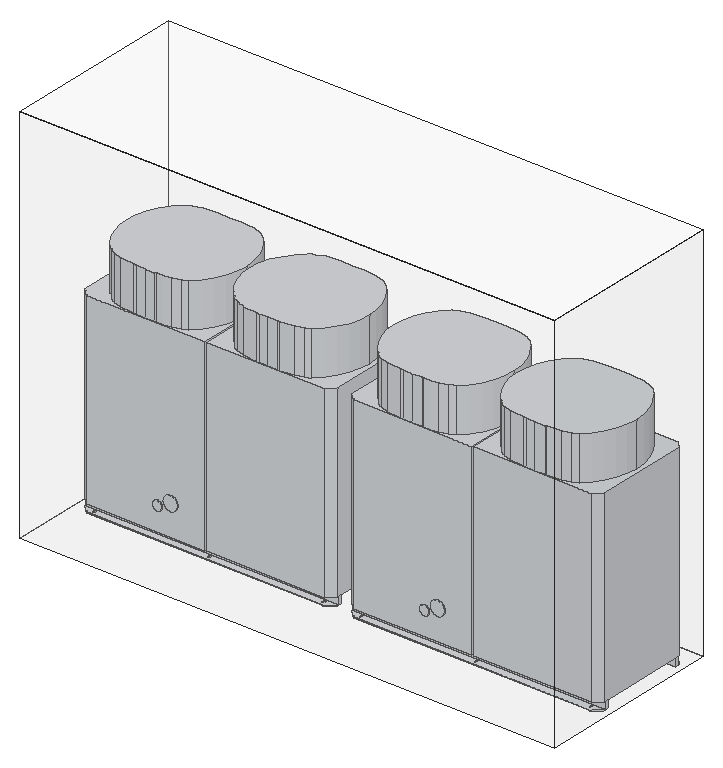
Revit family "pury-p224_1000(s)dmg9_50Hz", category 機械設備, Revit 2019
Family settings
  丸型コネクタ寸法 = 直径を使用
  パーツ タイプ = 標準
  OmniClass 番号 = 23.75.10.24.21.27.27
  OmniClass タイトル = Split System Air Conditioning Units
  作業面ベース = いいえ
  常に垂直 = はい
  ロード時にボイドで切り取り = いいえ
  共有 = いいえ
  部屋計算ポイント = いいえ
Parameters (values of type "PURY-P950SDMG9_タイプB")
  風量（m3／min） = 640
  風量 = MAX風量  # 38400.0 m³/h
  音響パワーレベル(dB) = 88.5
  電源種別 = ""
  電源位置2Y（ユニット3） = 121 mm
  電源位置2Y（ユニット2） = 121 mm
  電源位置2Y（ユニット1） = 121 mm
  電源位置2X（ユニット3） = 516 mm
  電源位置2X（ユニット2） = 516 mm
  電源位置2X（ユニット1） = 516 mm
  電源位置1Z（ユニット3） = 217 mm
  電源位置1Z（ユニット2） = 217 mm
  電源位置1Z（ユニット1） = 217 mm
  電源位置1X（ユニット3） = 541 mm
  電源位置1X（ユニット2） = 541 mm
  電源位置1X（ユニット1） = 541 mm
  電圧 = 200 V
  電動機出力_送風機 = 3.68 kW
  電動機出力_圧縮機 = 26.9 kW
  集中コントローラ [instance] = ""
  運転質量 = 0.00 kg
  運転方法 = "冷暖同時"
  質量 = if(製品質量 > 運転質量, 製品質量, 運転質量) * 1.2  # 778.80 kg
  負荷分類 = 1_熱源類
  説明 = "ビル用マルチエアコン　冷暖同時R2　GR室外機"
  設計暖房能力 [instance] = 0 kW
  設計冷房能力_顕熱 [instance] = 0 kW
  設計冷房能力 [instance] = 0 kW
  設置方法 = "床置形"
  記号 [instance] = ""
  製造元 = "三菱電機株式会社"
  製品質量 = 649.00 kg
  製品出荷対象 = "国内"
  製品リリース年月 = "2024/4/26"
  製品グループ = ""
  系統 [instance] = ""
  符号 = "EHP"
  積算_科目 = "1 空気調和設備"
  積算_拾い区分 [instance] = ""
  相 = 3
  盤記号 [instance] = ""
  発停方法 = "付属スイッチ"
  特殊仕様 [instance] = ""
  消費電力_暖房 = 31.4 kW
  消費電力_冷房 = 36.3 kW
  消費電力 = if(消費電力_冷房 > 消費電力_暖房, 消費電力_冷房, 消費電力_暖房)  # 36.3 kW
  法定耐用年数 = "15"
  極数 = 3
  材質 [instance] = ""
  本体マテリアル = none
  最小電線太さ_mm2 = 100
  最大電流値 = 147.3 A
  暖房能力 = 106 kW
  推奨ブレーカー容量 = 150 A
  据付ピッチ1 = 0 mm
  形式 = "マルチパッケージ形 室外機"
  幹線記号 [instance] = ""
  始動方式 = ""
  呼称 = "マルチパッケージ形空気調和機"
  周波数 = 50 Hz
  参照している仕様書等のバージョン = "公共建築工事標準仕様書（機械設備工事編）平成31年度版"
  分類コード = "50053003300020"
  分類グループ = ""
  冷房能力 = 95 kW
  冷媒管（液）位置2 (ユニット3) = 146 mm
  冷媒管（液）位置2 (ユニット2) = 146 mm
  冷媒管（液）位置1 (ユニット3） = 590 mm
  冷媒管（ガス）位置2 (ユニット3) = 145 mm
  冷媒管（ガス）位置2 (ユニット2) = 145 mm
  冷媒管（ガス）位置1 (ユニット3) = 83 mm
  冷媒管（ガス）位置1 (ユニット1) = 83 mm
  冷媒管（液）位置1 (ユニット1) = 590 mm
  冷媒管（液）位置2 (ユニット1) = 146 mm
  冷媒管（ガス）位置2 (ユニット1) = 83 mm
  冷媒管（ガス）位置1 (ユニット2) = 83 mm
  冷媒管（液）位置1 (ユニット2） = 590 mm
  冷媒管長 [instance] = 0 mm
  冷媒管径符号 = "Hk"
  冷媒管径3 = 100.00 mm
  冷媒管径2 = 100.00 mm
  冷媒管径 = 100.00 mm
  冷媒管位置3 (ユニット3) = 262 mm
  冷媒管位置3 (ユニット2) = 262 mm
  冷媒管位置3 (ユニット1) = 262 mm
  冷媒管位置2 (ユニット3) = 145.5 mm
  冷媒管位置2 (ユニット2) = 145.5 mm
  冷媒管位置1 (ユニット2) = 631.5 mm
  冷媒管位置2 (ユニット1) = 145.5 mm
  冷媒管位置1 (ユニット3) = 631.5 mm
  冷媒管位置1 (ユニット1) = 631.5 mm
  冷媒液管径3 = 22.20 mm
  冷媒液管径2 = 22.20 mm
  冷媒液管径 = 22.20 mm
  冷媒ガス管径3 = 28.58 mm
  冷媒ガス管径2 = 28.58 mm
  冷媒ガス管径 = 28.58 mm
  企業コード = "108420"
  付属品 [instance] = ""
  仕様書バージョン = "Version1.0"
  ユニット隙間 = if(サービススペース_タイプA, 30 mm, 100 mm)  # 100 mm
  ユニット数 = 2
  ユニットタイプ3 = 筐体モジュール.（R2標準） : 500筐体
  ユニットタイプ2 = 筐体モジュール.（R2標準） : 450筐体
  ユニットタイプ1 = 筐体モジュール.（R2標準） : 500筐体
  ユニット3_S = no
  ユニット3_L = no
  ユニット3 = no
  ユニット2_S = no
  ユニット2_L = no
  ユニット2 = yes
  ユニット1_S = no
  ユニット1_L = no
  モデル = "PURY-P950SDMG9"
  ドレン管径 = 0.00 mm
  サービススペース_タイプA = no
  サービススペース = yes
  コメント [instance] = ""
  ケーブル種類 = ""
  アンカーボルト位置Y（ユニット3） = 681 mm
  アンカーボルト位置Y（ユニット2） = 681 mm
  アンカーボルト位置Y（ユニット1） = 681 mm
  アンカーボルト位置X（ユニット3） = 795 mm
  アンカーボルト位置X（ユニット2） = 795 mm
  アンカーボルト位置X（ユニット1） = 795 mm
  Width3 = 1750 mm
  Width2 = 1750 mm
  Width1 = 1750 mm
  Width = if(ユニット3, Width1 + Width2 + Width3 + 2 * ユニット隙間, if(ユニット2, Width1 + Width2 + 1 * ユニット隙間, Width1))  # 3600 mm
  Version = ""
  Uniclass2015Version = "Systems v1.9"
  Uniclass2015Title = "Split coil remote air cooled condensing units"
  Uniclass2015Code = "Pr_70_65_03_84"
  URL = "https://www.mitsubishielectric.co.jp/ldg/wink/ssl/displayProduct.do?pid=332051"
  SpecificationReference = ""
  SpecificationDescription = ""
  Revision = ""
  ProductInformation = ""
  OmniClassCode = "23-75 10 24 21 27 27"
  OUTLINE2 = outline : outline_XL
  OUTLINE1 = outline : outline_XL
  MAX風量 = 風量（m3／min） * 60.0 m³/h  # 38400.0 m³/h
  IfcTypeProduct = ""
  IfcProduct = ""
  IfcExportType = "AIRCONDITIONINGUNIT"
  IfcExportAs = "IfcUnitaryEquipmentType"
  Height = 1650 mm
  Depth = 740 mm
  Clearance Top [instance] = if(サービススペース_タイプA, 1000 mm, 1000 mm)  # 1000 mm
  Clearance Right [instance] = if(サービススペース_タイプA, 15 mm, 50 mm)  # 50 mm
  Clearance Left [instance] = if(サービススペース_タイプA, 15 mm, 50 mm)  # 50 mm
  Clearance Front [instance] = if(サービススペース_タイプA, 450 mm, 450 mm)  # 450 mm
  Clearance Back [instance] = if(サービススペース_タイプA, 300 mm, 100 mm)  # 100 mm
  COP = 0
  Author = "三菱電機株式会社"
  APF = 0
Reference planes
  plane 1 "中心(正面/背面)": y = 0
  plane 2: z = 0
  plane 3 "中心(左/右)": x = 890
  plane 4 "右": x = 2690
  plane 5 "左": x = -910
  plane 6 "背面": y = 370
  plane 7 "正面": y = -370
  plane 8: z = 1347
  plane 9 "上部": z = 1650
  plane 10 "Clearanse Top": z = 2650
  plane 11: x = -2128.5
  plane 12 "冷媒操作弁ガス芯2": y = -224.5
  plane 13 "冷媒操作弁液芯2": y = -224.5
  plane 14 "SS_back": y = 470
  plane 15 "SS_front": y = -820
  plane 16 "SS_left": x = -960
  plane 17 "SS_right": x = 2740
  plane 18: x = -1010
  plane 19: x = -910
  plane 20: x = 840
  plane 21: x = 940
  plane 22: x = -2760
  plane 23: x = -278.5
  plane 24: x = 1571.5
  plane 25: x = -1885
  plane 26: x = -35
  plane 27: x = 1815
  plane 28: z = 53
  plane 29: z = 262
  plane 30: y = -224.5
  plane 31: z = 54
  plane 32: z = 262
  plane 33: z = 262
  plane 34: x = -394
  plane 35: x = 1456
  plane 36: x = -369
  plane 37: x = 1481
  plane 38: y = -249
  plane 39: y = -249
  plane 40: y = -249
  plane 41: z = 217
  plane 42: z = 217
  plane 43: z = 217
Forms (mm)
  Extrusion 1, solid, detail levels fine
    sketch origin (0, -370, 0) x (1, 0, 0) y (0, 0, 1)
      loop
        circle (1571.5, 262) r 50
    from 0 to 1
  Extrusion 2, solid, visible <- "ユニット2", detail levels fine
    sketch origin (0, -370, 0) x (1, 0, 0) y (0, 0, 1)
      loop
        circle (-278.5, 262) r 50
    from 0 to 1
  Extrusion 3, solid, detail levels fine
    sketch origin (-1437.329, -1524, 54) x (-1, 0, 0) y (0, -1, 0)
      loop
        circle (-3008.829, -1299.5) r 50
    from 0 to -1
  Extrusion 4, solid, visible <- "ユニット2", detail levels fine
    sketch origin (-1437.329, -1524, 54) x (-1, 0, 0) y (0, -1, 0)
      loop
        circle (-1158.829, -1299.5) r 50
    from 0 to -1
  Extrusion 5, solid, detail levels fine
    sketch origin (-1437.329, -1524, 54) x (-1, 0, 0) y (0, -1, 0)
      loop
        circle (-2893.329, -1275) r 32.5
    from -1 to 0
  Extrusion 6, solid, visible <- "ユニット2", detail levels fine
    sketch origin (-1437.329, -1524, 54) x (-1, 0, 0) y (0, -1, 0)
      loop
        circle (-1043.329, -1275) r 32.5
    from -1 to 0
  Extrusion 7, solid, detail levels fine
    sketch origin (0, -370, 0) x (1, 0, 0) y (0, 0, 1)
      loop
        circle (1481, 217) r 32.5
    from 0 to 1
  Extrusion 8, solid, visible <- "ユニット2", detail levels fine
    sketch origin (0, -370, 0) x (1, 0, 0) y (0, 0, 1)
      loop
        circle (-369, 217) r 32.5
    from 0 to 1
Lines and regions (mm)
  model lines, not visible
    curve 1: line (460, 178.667, 1289.179) -> (460, 297.73, 1289.179)
    curve 2: line (460, 178.667, 1056.056) -> (460, 178.667, 1289.179)
    curve 3: line (460, 297.73, 1056.056) -> (460, 178.667, 1056.056)
    curve 4: line (460, 297.73, 1289.179) -> (460, 297.73, 1056.056)
    curve 5: line (460, 47.598, 1289.179) -> (460, 166.661, 1289.179)
    curve 6: line (460, 47.598, 1056.056) -> (460, 47.598, 1289.179)
    curve 7: line (460, 166.661, 1056.056) -> (460, 47.598, 1056.056)
    curve 8: line (460, 166.661, 1289.179) -> (460, 166.661, 1056.056)
    curve 9: line (460, -83.471, 1289.179) -> (460, 35.592, 1289.179)
    curve 10: line (460, -83.471, 1056.056) -> (460, -83.471, 1289.179)
    curve 11: line (460, 35.592, 1056.056) -> (460, -83.471, 1056.056)
    curve 12: line (460, 35.592, 1289.179) -> (460, 35.592, 1056.056)
    curve 13: line (460, -150.779, 1289.179) -> (460, -95.75, 1289.179)
    curve 14: line (460, -150.779, 1056.056) -> (460, -150.779, 1289.179)
    curve 15: line (460, -95.75, 1056.056) -> (460, -150.779, 1056.056)
    curve 16: line (460, -95.75, 1289.179) -> (460, -95.75, 1056.056)
    curve 17: line (460, -150.779, 1283.175) -> (460, -132.596, 1283.175)
    curve 18: line (460, -150.779, 1062.059) -> (460, -150.779, 1283.175)
    curve 19: line (460, -132.596, 1062.059) -> (460, -150.779, 1062.059)
    curve 20: line (460, -132.596, 1283.175) -> (460, -132.596, 1062.059)
    curve 21: line (460, 178.667, 1046.051) -> (460, 297.73, 1046.051)
    curve 22: line (460, 178.667, 812.928) -> (460, 178.667, 1046.051)
    curve 23: line (460, 297.73, 812.928) -> (460, 178.667, 812.928)
    curve 24: line (460, 297.73, 1046.051) -> (460, 297.73, 812.928)
    curve 25: line (460, 47.598, 1046.051) -> (460, 166.661, 1046.051)
    curve 26: line (460, 47.598, 812.928) -> (460, 47.598, 1046.051)
    curve 27: line (460, 166.661, 812.928) -> (460, 47.598, 812.928)
    curve 28: line (460, 166.661, 1046.051) -> (460, 166.661, 812.928)
    curve 29: line (460, -83.471, 1046.051) -> (460, 35.592, 1046.051)
    curve 30: line (460, -83.471, 812.928) -> (460, -83.471, 1046.051)
    curve 31: line (460, 35.592, 812.928) -> (460, -83.471, 812.928)
    curve 32: line (460, 35.592, 1046.051) -> (460, 35.592, 812.928)
    curve 33: line (460, -150.779, 1046.051) -> (460, -95.75, 1046.051)
    curve 34: line (460, -150.779, 812.928) -> (460, -150.779, 1046.051)
    curve 35: line (460, -95.75, 812.928) -> (460, -150.779, 812.928)
    curve 36: line (460, -95.75, 1046.051) -> (460, -95.75, 812.928)
    curve 37: line (460, -150.779, 1040.048) -> (460, -132.596, 1040.048)
    curve 38: line (460, -150.779, 818.931) -> (460, -150.779, 1040.048)
    curve 39: line (460, -132.596, 818.931) -> (460, -150.779, 818.931)
    curve 40: line (460, -132.596, 1040.048) -> (460, -132.596, 818.931)
    curve 41: line (460, 178.667, 802.923) -> (460, 297.73, 802.923)
    curve 42: line (460, 178.667, 569.8) -> (460, 178.667, 802.923)
    curve 43: line (460, 297.73, 569.8) -> (460, 178.667, 569.8)
    curve 44: line (460, 297.73, 802.923) -> (460, 297.73, 569.8)
    curve 45: line (460, 47.598, 802.923) -> (460, 166.661, 802.923)
    curve 46: line (460, 47.598, 569.8) -> (460, 47.598, 802.923)
    curve 47: line (460, 166.661, 569.8) -> (460, 47.598, 569.8)
    curve 48: line (460, 166.661, 802.923) -> (460, 166.661, 569.8)
    curve 49: line (460, -83.471, 802.923) -> (460, 35.592, 802.923)
    curve 50: line (460, -83.471, 569.8) -> (460, -83.471, 802.923)
    curve 51: line (460, 35.592, 569.8) -> (460, -83.471, 569.8)
    curve 52: line (460, 35.592, 802.923) -> (460, 35.592, 569.8)
    curve 53: line (460, -150.779, 802.923) -> (460, -95.75, 802.923)
    curve 54: line (460, -150.779, 569.8) -> (460, -150.779, 802.923)
    curve 55: line (460, -95.75, 569.8) -> (460, -150.779, 569.8)
    curve 56: line (460, -95.75, 802.923) -> (460, -95.75, 569.8)
    curve 57: line (460, -150.779, 796.92) -> (460, -132.596, 796.92)
    curve 58: line (460, -150.779, 575.803) -> (460, -150.779, 796.92)
    curve 59: line (460, -132.596, 575.803) -> (460, -150.779, 575.803)
    curve 60: line (460, -132.596, 796.92) -> (460, -132.596, 575.803)
    curve 61: line (460, 178.667, 559.795) -> (460, 297.73, 559.795)
    curve 62: line (460, 178.667, 326.672) -> (460, 178.667, 559.795)
    curve 63: line (460, 297.73, 326.672) -> (460, 178.667, 326.672)
    curve 64: line (460, 297.73, 559.795) -> (460, 297.73, 326.672)
    curve 65: line (460, 47.598, 559.795) -> (460, 166.661, 559.795)
    curve 66: line (460, 47.598, 326.672) -> (460, 47.598, 559.795)
    curve 67: line (460, 166.661, 326.672) -> (460, 47.598, 326.672)
    curve 68: line (460, 166.661, 559.795) -> (460, 166.661, 326.672)
    curve 69: line (460, -83.471, 559.795) -> (460, 35.592, 559.795)
    curve 70: line (460, -83.471, 326.672) -> (460, -83.471, 559.795)
    curve 71: line (460, 35.592, 326.672) -> (460, -83.471, 326.672)
    curve 72: line (460, 35.592, 559.795) -> (460, 35.592, 326.672)
    curve 73: line (460, -150.779, 559.795) -> (460, -95.75, 559.795)
    curve 74: line (460, -150.779, 326.672) -> (460, -150.779, 559.795)
    curve 75: line (460, -95.75, 326.672) -> (460, -150.779, 326.672)
    curve 76: line (460, -95.75, 559.795) -> (460, -95.75, 326.672)
    curve 77: line (460, -150.779, 553.792) -> (460, -132.596, 553.792)
    curve 78: line (460, -150.779, 332.675) -> (460, -150.779, 553.792)
    curve 79: line (460, -132.596, 332.675) -> (460, -150.779, 332.675)
    curve 80: line (460, -132.596, 553.792) -> (460, -132.596, 332.675)
    curve 81: line (460, 178.667, 316.667) -> (460, 297.73, 316.667)
    curve 82: line (460, 178.667, 83.544) -> (460, 178.667, 316.667)
    curve 83: line (460, 297.73, 83.544) -> (460, 178.667, 83.544)
    curve 84: line (460, 297.73, 316.667) -> (460, 297.73, 83.544)
    curve 85: line (460, 47.598, 316.667) -> (460, 166.661, 316.667)
    curve 86: line (460, 47.598, 83.544) -> (460, 47.598, 316.667)
    curve 87: line (460, 166.661, 83.544) -> (460, 47.598, 83.544)
    curve 88: line (460, 166.661, 316.667) -> (460, 166.661, 83.544)
    curve 89: line (460, -83.471, 316.667) -> (460, 35.592, 316.667)
    curve 90: line (460, -83.471, 83.544) -> (460, -83.471, 316.667)
    curve 91: line (460, 35.592, 83.544) -> (460, -83.471, 83.544)
    curve 92: line (460, 35.592, 316.667) -> (460, 35.592, 83.544)
    curve 93: line (460, -150.779, 316.667) -> (460, -95.75, 316.667)
    curve 94: line (460, -150.779, 83.544) -> (460, -150.779, 316.667)
    curve 95: line (460, -95.75, 83.544) -> (460, -150.779, 83.544)
    curve 96: line (460, -95.75, 316.667) -> (460, -95.75, 83.544)
    curve 97: line (460, -150.779, 310.664) -> (460, -132.596, 310.664)
    curve 98: line (460, -150.779, 89.547) -> (460, -150.779, 310.664)
    curve 99: line (460, -132.596, 89.547) -> (460, -150.779, 89.547)
    curve 100: line (460, -132.596, 310.664) -> (460, -132.596, 89.547)
Dimensions and locks
  plane 8 to level = 1347 mm
  equal spacing: plane 7 "正面", plane 1 "中心(正面/背面)", plane 6 "背面", locked at 370 each
  "Depth": plane 7 "正面" to plane 6 "背面"
  "Width": plane 5 "左" to plane 4 "右"
  equal spacing: plane 5 "左", plane 3 "中心(左/右)", plane 4 "右"
  "冷媒管位置2 (ユニット3)": plane 7 "正面" to plane 13 "冷媒操作弁液芯2"
  "冷媒管位置2 (ユニット2)": plane 7 "正面" to plane 12 "冷媒操作弁ガス芯2"
  "Clearance Left": plane 16 "SS_left" to plane 5 "左"
  "Clearance Right": plane 4 "右" to plane 17 "SS_right"
  "Clearance Back": plane 6 "背面" to plane 14 "SS_back"
  "Clearance Front": plane 15 "SS_front" to plane 7 "正面"
  "Clearance Top": plane 10 "Clearanse Top" to plane 9 "上部"
  "Height": plane 9 "上部" to plane 2
  plane 9 "上部" to plane 8 = 303 mm
  "ユニット隙間": plane 18 to plane 19
  "Width2": plane 19 to plane 20
  "ユニット隙間": plane 20 to plane 21
  "Width3": plane 22 to plane 18
  "Width1": plane 21 to plane 4 "右"
  "冷媒管位置1 (ユニット2)": plane 19 to plane 23
  "冷媒管位置1 (ユニット1)": plane 21 to plane 24
  "冷媒管位置1 (ユニット3)": plane 22 to plane 11
  equal spacing: plane 22, plane 25, plane 18
  equal spacing: plane 19, plane 26, plane 20
  equal spacing: plane 21, plane 27, plane 4 "右"
  "冷媒管位置2 (ユニット1)": plane 7 "正面" to plane 30
  plane 31 to level = 54 mm
  "冷媒管位置3 (ユニット1)": plane 29 to level
  locked: plane 31 to plane 28 at 1
  "冷媒管位置3 (ユニット2)": plane 32 to level
  "冷媒管位置3 (ユニット3)": plane 33 to level
  "電源位置2X（ユニット2）": plane 19 to plane 34
  "電源位置2X（ユニット1）": plane 21 to plane 35
  "電源位置2Y（ユニット1）": plane 7 "正面" to plane 38
  "電源位置2Y（ユニット2）": plane 7 "正面" to plane 39
  "電源位置2Y（ユニット3）": plane 7 "正面" to plane 40
  "電源位置1X（ユニット1）": plane 37 to plane 21
  "電源位置1X（ユニット2）": plane 36 to plane 19
  "電源位置1Z（ユニット1）": plane 43 to level
  "電源位置1Z（ユニット2）": plane 42 to level
  "電源位置1Z（ユニット3）": plane 41 to level
  "冷媒管径": diameter of Extrusion 1 sketch curve
  "冷媒管径2": diameter of Extrusion 2 sketch curve
  "冷媒管径": diameter of Extrusion 3 sketch curve
  "冷媒管径2": diameter of Extrusion 4 sketch curve
  radius of Extrusion 5 sketch curve = 32.5 mm
  radius of Extrusion 6 sketch curve = 32.5 mm
  radius of Extrusion 7 sketch curve = 32.5 mm
  radius of Extrusion 8 sketch curve = 32.5 mm
  aligned and locked: level to plane 2
  aligned and locked: plane 14 "SS_back" to nested 1  (x2)
  aligned and locked: plane 17 "SS_right" to nested 1
  aligned and locked: plane 16 "SS_left" to nested 1  (x2)
  aligned and locked: nested 1 to plane 17 "SS_right"
  aligned and locked: plane 15 "SS_front" to nested 1
  aligned and locked: nested 2 to plane 1 "中心(正面/背面)"
  aligned and locked: plane 10 "Clearanse Top" to nested 1
  aligned and locked: nested 1 to plane 2
  aligned and locked: plane 25 to nested 2
  aligned and locked: plane 29 to Extrusion 1 sketch curve
  aligned and locked: plane 24 to Extrusion 1 sketch curve
  aligned and locked: plane 23 to Extrusion 2 sketch curve
  aligned and locked: plane 30 to Extrusion 3 sketch curve
  aligned and locked: plane 24 to Extrusion 3 sketch curve
  aligned and locked: plane 12 "冷媒操作弁ガス芯2" to Extrusion 4 sketch curve
  aligned and locked: plane 23 to Extrusion 4 sketch curve
  aligned and locked: plane 32 to Extrusion 2 sketch curve
  aligned and locked: plane 35 to Extrusion 5 sketch curve
  aligned and locked: plane 38 to Extrusion 5 sketch curve
  aligned and locked: plane 34 to Extrusion 6 sketch curve
  aligned and locked: plane 39 to Extrusion 6 sketch curve
  aligned and locked: plane 31 to Extrusion 5
  aligned and locked: Extrusion 5 to plane 28
  aligned and locked: plane 31 to Extrusion 6
  aligned and locked: Extrusion 6 to plane 28
  aligned and locked: plane 37 to Extrusion 7 sketch curve
  aligned and locked: plane 43 to Extrusion 7 sketch curve
  aligned and locked: plane 36 to Extrusion 8 sketch curve
  aligned and locked: plane 42 to Extrusion 8 sketch curve
  aligned and locked: Extrusion 7 to plane 7 "正面"
  aligned and locked: Extrusion 7 to Extrusion 1
  aligned and locked: Extrusion 8 to plane 7 "正面"
  aligned and locked: Extrusion 8 to Extrusion 2
  aligned and locked: plane 27 to nested 4
  aligned and locked: plane 26 to nested 5
  aligned and locked: plane 27 to nested 6
  aligned and locked: plane 26 to nested 3
Nested families
  nested 1: "サービススペース" at (890, -175, 1325), visible <- "サービススペース", type "サービススペース"
    with Width 3700 mm, Height 2650 mm, Depth 1290 mm
  nested 2: "筐体モジュール.（R2標準）" at (-1885, 0, 0), 冷媒ガス管径 <- "冷媒ガス管径3", 冷媒液管径 <- "冷媒液管径3", Width <- "Width3", Depth <- "Depth", Height <- "Height", type <- "ユニットタイプ3", 冷媒管径 <- "冷媒管径3", 冷媒管径_Z <- "冷媒管位置3 (ユニット3)", ユニット2 <- "ユニット3", type "500筐体"
    with 冷媒管径_Z 262 mm, 冷媒管径_Y 145.5 mm, 冷媒管径_X 631.5 mm, 冷媒管径 100 mm, 冷媒液管径 22.2 mm, 冷媒液_Z 262 mm, 冷媒液_Y 146 mm, 冷媒液_X 590 mm, 冷媒ガス管径 28.58 mm, 冷媒ガス_Z 262 mm, 冷媒ガス_Y 145 mm, 冷媒ガス_X 83 mm, ユニット4X no, ユニット2 no, Width 1750 mm, Height 1650 mm, Depth 740 mm
  nested 3: "筐体モジュール.（R2標準）" at (-35, 0, 0), type <- "ユニットタイプ2", ユニット2 <- "ユニット2", Width <- "Width2", 冷媒管径_X <- "冷媒管位置1 (ユニット2)", 冷媒ガス管径 <- "冷媒ガス管径2", 冷媒液管径 <- "冷媒液管径2", type "450筐体"
    with 冷媒管径_Z 262 mm, 冷媒管径_Y 145.5 mm, 冷媒管径_X 631.5 mm, 冷媒管径 100 mm, 冷媒液管径 22.2 mm, 冷媒液_Z 262 mm, 冷媒液_Y 146 mm, 冷媒液_X 590 mm, 冷媒ガス管径 28.58 mm, 冷媒ガス_Z 262 mm, 冷媒ガス_Y 145 mm, 冷媒ガス_X 83 mm, ユニット4X yes, ユニット2 yes, Width 1750 mm, Height 1650 mm, Depth 740 mm
  nested 4: "outline" at (1815, 0, 0), type <- "OUTLINE1", type "outline_XL", detail levels coarse+medium
    with ユニット4X no, ユニット2 yes, Width 920 mm, Height 1650 mm, Depth 740 mm
  nested 5: "outline" at (-35, 0, 0), type <- "OUTLINE2", ユニット2 <- "ユニット2", type "outline_XL", not visible, detail levels fine
    with ユニット4X no, ユニット2 yes, Width 920 mm, Height 1650 mm, Depth 740 mm
  nested 6: "筐体モジュール.（R2標準）" at (1815, 0, 0), Width <- "Width1", 冷媒管径_X <- "冷媒管位置1 (ユニット1)", type <- "ユニットタイプ1", 冷媒液管径 <- "冷媒液管径", 冷媒ガス管径 <- "冷媒ガス管径", type "500筐体"
    with 冷媒管径_Z 262 mm, 冷媒管径_Y 145.5 mm, 冷媒管径_X 631.5 mm, 冷媒管径 100 mm, 冷媒液管径 22.2 mm, 冷媒液_Z 262 mm, 冷媒液_Y 146 mm, 冷媒液_X 590 mm, 冷媒ガス管径 28.58 mm, 冷媒ガス_Z 262 mm, 冷媒ガス_Y 145 mm, 冷媒ガス_X 83 mm, ユニット4X yes, ユニット2 yes, Width 1750 mm, Height 1650 mm, Depth 740 mm
Connectors
  piping at (1571.5, -224.5, 53), diameter 100, driven by "冷媒管径", driven by "冷媒管径符号"
    settings: on Extrusion 3, index 7, connector inside diameter 609.60 mm, connector length 0 mm, flow factor 0, pipe flow 0.0 L/s, pressure drop 0.0 Pa, fitting loss kfactor 0, connector angle 0.00°, fixture units 0, engagement length 0 mm, angle of deflection 0.00°, flow configuration 1, flow direction 2, fitting loss method 4, system type 7, joint type 0, gender type 0, connector reference index -1, connector utility 0, adjustable connector no, is connector primary yes, connector description "Hk"
  piping at (-278.5, -224.5, 53), diameter 100, driven by "冷媒管径2", driven by "冷媒管径符号"
    settings: on Extrusion 4, index 8, connector inside diameter 609.60 mm, connector length 0 mm, flow factor 0, pipe flow 0.0 L/s, pressure drop 0.0 Pa, fitting loss kfactor 0, connector angle 0.00°, fixture units 0, engagement length 0 mm, angle of deflection 0.00°, flow configuration 1, flow direction 2, fitting loss method 4, system type 7, joint type 0, gender type 0, connector reference index -1, connector utility 0, adjustable connector no, is connector primary no, connector description "Hk"
  piping at (-278.5, -371, 262), diameter 100, driven by "冷媒管径2", driven by "冷媒管径符号"
    settings: on Extrusion 2, index 10, connector inside diameter 609.60 mm, connector length 0 mm, flow factor 0, pipe flow 0.0 L/s, pressure drop 0.0 Pa, fitting loss kfactor 0, connector angle 0.00°, fixture units 0, engagement length 0 mm, angle of deflection 0.00°, flow configuration 1, flow direction 2, fitting loss method 4, system type 7, joint type 0, gender type 0, connector reference index -1, connector utility 0, adjustable connector no, is connector primary no, connector description "Hk"
  piping at (1571.5, -371, 262), diameter 100, driven by "冷媒管径", driven by "冷媒管径符号"
    settings: on Extrusion 1, index 11, connector inside diameter 609.60 mm, connector length 0 mm, flow factor 0, pipe flow 0.0 L/s, pressure drop 0.0 Pa, fitting loss kfactor 0, connector angle 0.00°, fixture units 0, engagement length 0 mm, angle of deflection 0.00°, flow configuration 1, flow direction 2, fitting loss method 4, system type 7, joint type 0, gender type 0, connector reference index -1, connector utility 0, adjustable connector no, is connector primary no, connector description "Hk"
  electrical at (1481, -371, 217), driven by "極数", driven by "電圧", driven by "消費電力", driven by "負荷分類"
    settings: on Extrusion 7, index 12, voltage 200 V, apparent load 36300 VA, apparent load phase1 0 VA, apparent load phase2 0 VA, apparent load phase3 0 VA, power factor 1, load classification "1_熱源類", number of poles 3, system type 30, power factor state 1, is connector primary yes, connector utility no, sub classification motor no, connector description ""
  electrical at (-369, -371, 217), driven by "極数", driven by "電圧", driven by "消費電力", driven by "負荷分類"
    settings: on Extrusion 8, index 13, voltage 200 V, apparent load 36300 VA, apparent load phase1 0 VA, apparent load phase2 0 VA, apparent load phase3 0 VA, power factor 1, load classification "1_熱源類", number of poles 3, system type 30, power factor state 1, is connector primary no, connector utility no, sub classification motor no, connector description ""
  electrical at (1456, -249, 53), driven by "極数", driven by "電圧", driven by "消費電力", driven by "負荷分類"
    settings: on Extrusion 5, index 14, voltage 200 V, apparent load 36300 VA, apparent load phase1 0 VA, apparent load phase2 0 VA, apparent load phase3 0 VA, power factor 1, load classification "1_熱源類", number of poles 3, system type 30, power factor state 1, is connector primary no, connector utility no, sub classification motor no, connector description ""
  electrical at (-394, -249, 53), driven by "極数", driven by "電圧", driven by "消費電力", driven by "負荷分類"
    settings: on Extrusion 6, index 15, voltage 200 V, apparent load 36300 VA, apparent load phase1 0 VA, apparent load phase2 0 VA, apparent load phase3 0 VA, power factor 1, load classification "1_熱源類", number of poles 3, system type 30, power factor state 1, is connector primary no, connector utility no, sub classification motor no, connector description ""
Definition of nested family "サービススペース"
  Parameters (values of type "サービススペース")
    Width [instance] = 500 mm
    Height [instance] = 500 mm
    Depth [instance] = 500 mm
  Reference planes
    plane 1 "中心(正面/背面)": y = 0
    plane 2: z = 0
    plane 3 "中心(左/右)": x = 0
    plane 4: y = -250
    plane 5: x = 250
    plane 6: y = 250
    plane 7: x = -250
    plane 8: z = 250
    plane 9: z = -250
  Forms (mm)
    Extrusion 1, solid
      sketch origin (-638.939, 0, 72.39) x (1, 0, 0) y (0, 1, 0)
        loop
          line (388.939, 250) -> (388.939, -250) -> (888.939, -250) -> (888.939, 250) -> (388.939, 250)
      from -322.39 to 177.61
  Lines and regions (mm)
    symbolic lines
      curve 1: line (-250, 0, 250) -> (250, 0, 250)
      curve 2: line (-250, 0, -250) -> (-250, 0, 250)
      curve 3: line (250, 0, -250) -> (-250, 0, -250)
      curve 4: line (250, 0, 250) -> (250, 0, -250)
      curve 5: line (0, -250, 250) -> (0, 250, 250)
      curve 6: line (0, -250, -250) -> (0, -250, 250)
      curve 7: line (0, 250, -250) -> (0, -250, -250)
      curve 8: line (0, 250, 250) -> (0, 250, -250)
      curve 9: line (-250, 250, 0) -> (250, 250, 0)
      curve 10: line (-250, -250, 0) -> (-250, 250, 0)
      curve 11: line (250, -250, 0) -> (-250, -250, 0)
      curve 12: line (250, 250, 0) -> (250, -250, 0)
  Dimensions and locks
    equal spacing: plane 7, plane 3 "中心(左/右)", plane 5
    equal spacing: plane 4, plane 1 "中心(正面/背面)", plane 6
    "Depth": plane 4 to plane 6
    "Width": plane 7 to plane 5
    equal spacing: plane 8, plane 2, plane 9
    "Height": plane 8 to plane 9
    aligned and locked: plane 9 to curve 3
    aligned and locked: plane 7 to curve 2
    aligned and locked: curve 4 to plane 5
    aligned and locked: plane 5 to Extrusion 1
    aligned and locked: Extrusion 1 to plane 7
    aligned and locked: Extrusion 1 to plane 9
    aligned and locked: plane 8 to Extrusion 1
    aligned and locked: plane 9 to curve 7
  Automatic sketch dimensions
    plane 4 to Extrusion 1 sketch curve = 0 mm
    Extrusion 1 sketch curve to plane 7 = 0 mm
    Extrusion 1 sketch curve to plane 5 = 0 mm
    plane 6 to Extrusion 1 sketch curve = 0 mm
    curve 2 to plane 8 = 0 mm
    plane 4 to curve 11 = 0 mm
    curve 11 to plane 7 = 0 mm
    curve 11 to plane 5 = 0 mm
    plane 6 to curve 10 = 0 mm
    curve 7 to plane 4 = 0 mm
    curve 7 to plane 6 = 0 mm
    curve 6 to plane 8 = 0 mm
Definition of nested family "筐体モジュール.（R2標準）"
  Parameters (values of type "450筐体")
    冷媒管径_Z [instance] = 262 mm
    冷媒管径_Y [instance] = 145.5 mm
    冷媒管径_X [instance] = 631.5 mm
    冷媒管径 [instance] = 100 mm
    冷媒液管径 [instance] = 22.2 mm
    冷媒液_Z [instance] = 262 mm
    冷媒液_Y [instance] = 146 mm
    冷媒液_X [instance] = 590 mm
    冷媒ガス管径 [instance] = 28.58 mm
    冷媒ガス_Z [instance] = 262 mm
    冷媒ガス_Y [instance] = 145 mm
    冷媒ガス_X [instance] = 83 mm
    ユニット4X [instance] = and(ユニット2, Width = 1750 mm)  # yes
    ユニット2 [instance] = yes
    Width [instance] = 1750 mm
    W = 1750 mm
    Height [instance] = 1650 mm
    Depth [instance] = 740 mm
  Types (2): name
    450筐体
    500筐体
  Reference planes
    plane 1 "中心(正面/背面)": y = 0
    plane 2: z = 0
    plane 3 "中心(左/右)": x = 0
    plane 4: y = -370
    plane 5: y = 370
    plane 6: x = -875
    plane 7: z = 1347
    plane 8: z = 1650
    plane 9: y = -313
    plane 10: y = -293
    plane 11 "本体下部": z = 54
    plane 12: y = 370
    plane 13: y = 313
    plane 14: y = 293
    plane 15: y = 340.5
    plane 16: x = -795
    plane 17: y = -340.5
    plane 18 "電源高さ": z = 262
    plane 19 "冷媒管高さ": z = 262
    plane 20 "冷媒操作弁ガス芯4": z = 53
    plane 21: x = 875
    plane 22: x = -875
    plane 23: x = 875
    plane 24: x = -285
    plane 25: x = -243.5
    plane 26: x = -202
    plane 27: y = -225
    plane 28: y = -224.5
    plane 29: y = -224
    plane 30: z = 262
    plane 31: x = 795
  Forms (mm)
    Extrusion 1, solid, visible <- "ユニット4X", detail levels fine
      sketch origin (-460, 0, 0) x (1, 0, 0) y (0, 1, 0)
        loop
          line (-415, -320.583) -> (-365.583, -370) -> (455.244, -370) -> (455.244, 370) -> (-365.831, 370) -> (-415, 320.831) -> (-415, -320.583)
        loop
          line (464.756, 370) -> (464.756, -370) -> (1285.583, -370) -> (1335, -320.583) -> (1335, 320.831) -> (1285.831, 370) -> (464.756, 370)
      from 54 to 1347
    Extrusion 2, solid, visible <- "ユニット4X", detail levels fine
      sketch origin (-460, 0, 0) x (1, 0, 0) y (0, 1, 0)
        loop
          line (-415, -293) -> (-415, -313) -> (1335, -313) -> (1335, -293) -> (-415, -293)
      from 0 to 54
    Extrusion 3, solid, visible <- "ユニット4X", detail levels fine
      sketch origin (-460, 0, 0) x (1, 0, 0) y (0, 1, 0)
        loop
          line (-415, 293) -> (1335, 293) -> (1335, 313) -> (-415, 313) -> (-415, 293)
      from 0 to 54
    Extrusion 4, solid, visible <- "ユニット4X", detail levels fine
      sketch origin (-460, 0, 0) x (1, 0, 0) y (0, 1, 0)
        loop
          line (-415, -313) -> (-415, -320.583) -> (-365.583, -370) -> (1285.583, -370) -> (1335, -320.583) -> (1335, -313) -> (-415, -313)
        loop
          line (-328, -343.5) -> (-328, -337.5)
          arc (-328, -337.5) -> (-335, -330.5) -> (-342, -337.5) r 7
          line (-342, -337.5) -> (-342, -343.5)
          arc (-342, -343.5) -> (-335, -350.5) -> (-328, -343.5) r 7
        loop
          arc (1248, -343.5) -> (1255, -350.5) -> (1262, -343.5) r 7
          line (1262, -343.5) -> (1262, -337.5)
          arc (1262, -337.5) -> (1255, -330.5) -> (1248, -337.5) r 7
          line (1248, -337.5) -> (1248, -343.5)
        loop
          line (467, -343.5) -> (467, -337.5)
          arc (467, -337.5) -> (460, -330.5) -> (453, -337.5) r 7
          line (453, -337.5) -> (453, -343.5)
          arc (453, -343.5) -> (460, -350.5) -> (467, -343.5) r 7
      from 0 to 2
    Extrusion 5, solid, visible <- "ユニット4X", detail levels fine
      sketch origin (-759.5, 0, -2.5) x (1, 0, 0) y (0, 0, 1)
        loop
          circle (516, 264.5) r 50
      from 370 to 371
    Extrusion 6, solid, visible <- "ユニット4X", detail levels fine
      sketch origin (-460, 0, 0) x (1, 0, 0) y (0, 1, 0)
        loop
          circle (216.5, -224.5) r 50
      from 53 to 54
    Extrusion 7, solid, visible <- "ユニット4X", detail levels fine
      sketch origin (-460, 0, 0) x (1, 0, 0) y (0, 1, 0)
        loop
          circle (175, -224) r 11.1
      from 53 to 54
    Extrusion 8, solid, visible <- "ユニット4X", detail levels fine
      sketch origin (-460, 0, 0) x (1, 0, 0) y (0, 1, 0)
        loop
          circle (258, -225) r 14.29
      from 53 to 54
    Extrusion 9, solid, visible <- "ユニット4X", detail levels fine
      sketch origin (-460, 0, 0) x (1, 0, 0) y (0, 1, 0)
        loop
          line (-415, 313) -> (1335, 313) -> (1335, 320.583) -> (1285.583, 370) -> (-365.583, 370) -> (-415, 320.583) -> (-415, 313)
        loop
          arc (-328, 343.5) -> (-335, 350.5) -> (-342, 343.5) r 7
          line (-342, 343.5) -> (-342, 337.5)
          arc (-342, 337.5) -> (-335, 330.5) -> (-328, 337.5) r 7
          line (-328, 337.5) -> (-328, 343.5)
        loop
          line (1248, 343.5) -> (1248, 337.5)
          arc (1248, 337.5) -> (1255, 330.5) -> (1262, 337.5) r 7
          line (1262, 337.5) -> (1262, 343.5)
          arc (1262, 343.5) -> (1255, 350.5) -> (1248, 343.5) r 7
        loop
          arc (467, 343.5) -> (460, 350.5) -> (453, 343.5) r 7
          line (453, 343.5) -> (453, 337.5)
          arc (453, 337.5) -> (460, 330.5) -> (467, 337.5) r 7
          line (467, 337.5) -> (467, 343.5)
      from 0 to 2
    Extrusion 10, solid, visible <- "ユニット4X", detail levels fine
      sketch origin (426.031, 0, 0) x (-1, 0, 0) y (0, -1, 0)
        loop
          arc (-268.081, -316.106) -> (-250.974, -327.516) -> (-232.369, -336.274) r 138.853
          arc (-232.369, -336.274) -> (-204.68, -346.28) -> (-176.163, -353.601) r 308.609
          arc (-176.163, -353.601) -> (-128.058, -361) -> (-79.445, -363.367) r 468.429
          line (-79.445, -363.367) -> (0, -363.367) -> (79.445, -363.367)
          arc (79.445, -363.367) -> (128.058, -361) -> (176.163, -353.601) r 468.429
          arc (176.163, -353.601) -> (204.68, -346.28) -> (232.369, -336.274) r 308.609
          arc (232.369, -336.274) -> (250.84, -327.278) -> (268.082, -316.106) r 168.924
          arc (268.082, -316.106) -> (376.101, -174.18) -> (414.476, 0) r 414.476
          arc (414.476, 0) -> (376.101, 174.18) -> (268.081, 316.106) r 414.476
          arc (268.081, 316.106) -> (250.84, 327.278) -> (232.369, 336.274) r 168.924
          arc (232.369, 336.274) -> (204.68, 346.28) -> (176.163, 353.601) r 308.609
          arc (176.163, 353.601) -> (128.058, 361) -> (79.445, 363.367) r 468.429
          arc (79.445, 363.367) -> (71.906, 363.425) -> (64.372, 363.142) r 167.153
          line (64.372, 363.142) -> (0, 363.142) -> (-64.372, 363.142)
          arc (-64.372, 363.142) -> (-71.906, 363.425) -> (-79.445, 363.367) r 167.153
          arc (-79.445, 363.367) -> (-128.058, 361) -> (-176.163, 353.601) r 468.429
          arc (-176.163, 353.601) -> (-204.68, 346.28) -> (-232.369, 336.274) r 308.609
          arc (-232.369, 336.274) -> (-250.84, 327.278) -> (-268.081, 316.106) r 168.924
          arc (-268.081, 316.106) -> (-376.101, 174.18) -> (-414.476, 0) r 414.476
          arc (-414.476, 0) -> (-376.101, -174.18) -> (-268.081, -316.106) r 414.476
      from 1347 to 1650
    Extrusion 11, solid, visible <- "ユニット4X", detail levels fine
      sketch origin (-426.031, 0, 0) x (1, 0, 0) y (0, 1, 0)
        loop
          arc (-268.081, 316.106) -> (-376.101, 174.18) -> (-414.476, 0) r 414.476
          arc (-414.476, 0) -> (-376.101, -174.18) -> (-268.081, -316.106) r 414.476
          arc (-268.081, -316.106) -> (-250.84, -327.278) -> (-232.369, -336.274) r 168.924
          arc (-232.369, -336.274) -> (-204.68, -346.28) -> (-176.163, -353.601) r 308.609
          arc (-176.163, -353.601) -> (-128.058, -361) -> (-79.445, -363.367) r 468.429
          arc (-79.445, -363.367) -> (-71.906, -363.425) -> (-64.372, -363.142) r 167.153
          line (-64.372, -363.142) -> (0, -363.142) -> (64.372, -363.142)
          arc (64.372, -363.142) -> (71.906, -363.425) -> (79.445, -363.367) r 167.153
          arc (79.445, -363.367) -> (129.328, -360.87) -> (178.663, -353.076) r 468.429
          arc (178.663, -353.076) -> (205.901, -345.901) -> (232.372, -336.274) r 308.61
          arc (232.372, -336.274) -> (251.312, -327.333) -> (268.992, -316.106) r 167.985
          arc (268.992, -316.106) -> (376.782, -174.112) -> (415.066, 0) r 415.066
          arc (415.066, 0) -> (376.782, 174.112) -> (268.992, 316.106) r 415.066
          arc (268.992, 316.106) -> (251.312, 327.333) -> (232.372, 336.274) r 167.985
          arc (232.372, 336.274) -> (205.901, 345.901) -> (178.663, 353.076) r 308.61
          arc (178.663, 353.076) -> (129.328, 360.87) -> (79.445, 363.367) r 468.429
          line (79.445, 363.367) -> (0, 363.367) -> (-79.445, 363.367)
          arc (-79.445, 363.367) -> (-128.058, 361) -> (-176.163, 353.601) r 468.429
          arc (-176.163, 353.601) -> (-204.68, 346.28) -> (-232.369, 336.274) r 308.609
          arc (-232.369, 336.274) -> (-250.974, 327.516) -> (-268.081, 316.106) r 138.853
      from 1347 to 1650
  Lines and regions (mm)
    Masking region 1, visible <- "ユニット4X", detail levels coarse+medium
      outline origin (0, 0, 0) x (1, 0, 0) y (0, 1, 0)
        loop
          line (-825.831, 370) -> (-875, 320.831) -> (-875, -320.583) -> (-825.583, -370) -> (825.583, -370) -> (875, -320.583) -> (875, 320.831) -> (825.831, 370) -> (-825.831, 370)
    model lines, visible <- "ユニット4X", detail levels fine
      curve 1: line (-875, 178.667, 1289.179) -> (-875, 297.73, 1289.179)
      curve 2: line (-875, 178.667, 1056.056) -> (-875, 178.667, 1289.179)
      curve 3: line (-875, 297.73, 1056.056) -> (-875, 178.667, 1056.056)
      curve 4: line (-875, 297.73, 1289.179) -> (-875, 297.73, 1056.056)
      curve 5: line (-875, 47.598, 1289.179) -> (-875, 166.661, 1289.179)
      curve 6: line (-875, 47.598, 1056.056) -> (-875, 47.598, 1289.179)
      curve 7: line (-875, 166.661, 1056.056) -> (-875, 47.598, 1056.056)
      curve 8: line (-875, 166.661, 1289.179) -> (-875, 166.661, 1056.056)
      curve 9: line (-875, -83.471, 1289.179) -> (-875, 35.592, 1289.179)
      curve 10: line (-875, -83.471, 1056.056) -> (-875, -83.471, 1289.179)
      curve 11: line (-875, 35.592, 1056.056) -> (-875, -83.471, 1056.056)
      curve 12: line (-875, 35.592, 1289.179) -> (-875, 35.592, 1056.056)
      curve 13: line (-875, -150.779, 1289.179) -> (-875, -95.75, 1289.179)
      curve 14: line (-875, -150.779, 1056.056) -> (-875, -150.779, 1289.179)
      curve 15: line (-875, -95.75, 1056.056) -> (-875, -150.779, 1056.056)
      curve 16: line (-875, -95.75, 1289.179) -> (-875, -95.75, 1056.056)
      curve 17: line (-875, -150.779, 1283.175) -> (-875, -132.596, 1283.175)
      curve 18: line (-875, -150.779, 1062.059) -> (-875, -150.779, 1283.175)
      curve 19: line (-875, -132.596, 1062.059) -> (-875, -150.779, 1062.059)
      curve 20: line (-875, -132.596, 1283.175) -> (-875, -132.596, 1062.059)
      curve 21: line (-875, 178.667, 1046.051) -> (-875, 297.73, 1046.051)
      curve 22: line (-875, 178.667, 812.928) -> (-875, 178.667, 1046.051)
      curve 23: line (-875, 297.73, 812.928) -> (-875, 178.667, 812.928)
      curve 24: line (-875, 297.73, 1046.051) -> (-875, 297.73, 812.928)
      curve 25: line (-875, 47.598, 1046.051) -> (-875, 166.661, 1046.051)
      curve 26: line (-875, 47.598, 812.928) -> (-875, 47.598, 1046.051)
      curve 27: line (-875, 166.661, 812.928) -> (-875, 47.598, 812.928)
      curve 28: line (-875, 166.661, 1046.051) -> (-875, 166.661, 812.928)
      curve 29: line (-875, -83.471, 1046.051) -> (-875, 35.592, 1046.051)
      curve 30: line (-875, -83.471, 812.928) -> (-875, -83.471, 1046.051)
      curve 31: line (-875, 35.592, 812.928) -> (-875, -83.471, 812.928)
      curve 32: line (-875, 35.592, 1046.051) -> (-875, 35.592, 812.928)
      curve 33: line (-875, -150.779, 1046.051) -> (-875, -95.75, 1046.051)
      curve 34: line (-875, -150.779, 812.928) -> (-875, -150.779, 1046.051)
      curve 35: line (-875, -95.75, 812.928) -> (-875, -150.779, 812.928)
      curve 36: line (-875, -95.75, 1046.051) -> (-875, -95.75, 812.928)
      curve 37: line (-875, -150.779, 1040.048) -> (-875, -132.596, 1040.048)
      curve 38: line (-875, -150.779, 818.931) -> (-875, -150.779, 1040.048)
      curve 39: line (-875, -132.596, 818.931) -> (-875, -150.779, 818.931)
      curve 40: line (-875, -132.596, 1040.048) -> (-875, -132.596, 818.931)
      curve 41: line (-875, 178.667, 802.923) -> (-875, 297.73, 802.923)
      curve 42: line (-875, 178.667, 569.8) -> (-875, 178.667, 802.923)
      curve 43: line (-875, 297.73, 569.8) -> (-875, 178.667, 569.8)
      curve 44: line (-875, 297.73, 802.923) -> (-875, 297.73, 569.8)
      curve 45: line (-875, 47.598, 802.923) -> (-875, 166.661, 802.923)
      curve 46: line (-875, 47.598, 569.8) -> (-875, 47.598, 802.923)
      curve 47: line (-875, 166.661, 569.8) -> (-875, 47.598, 569.8)
      curve 48: line (-875, 166.661, 802.923) -> (-875, 166.661, 569.8)
      curve 49: line (-875, -83.471, 802.923) -> (-875, 35.592, 802.923)
      curve 50: line (-875, -83.471, 569.8) -> (-875, -83.471, 802.923)
      curve 51: line (-875, 35.592, 569.8) -> (-875, -83.471, 569.8)
      curve 52: line (-875, 35.592, 802.923) -> (-875, 35.592, 569.8)
      curve 53: line (-875, -150.779, 802.923) -> (-875, -95.75, 802.923)
      curve 54: line (-875, -150.779, 569.8) -> (-875, -150.779, 802.923)
      curve 55: line (-875, -95.75, 569.8) -> (-875, -150.779, 569.8)
      curve 56: line (-875, -95.75, 802.923) -> (-875, -95.75, 569.8)
      curve 57: line (-875, -150.779, 796.92) -> (-875, -132.596, 796.92)
      curve 58: line (-875, -150.779, 575.803) -> (-875, -150.779, 796.92)
      curve 59: line (-875, -132.596, 575.803) -> (-875, -150.779, 575.803)
      curve 60: line (-875, -132.596, 796.92) -> (-875, -132.596, 575.803)
      curve 61: line (-875, 178.667, 559.795) -> (-875, 297.73, 559.795)
      curve 62: line (-875, 178.667, 326.672) -> (-875, 178.667, 559.795)
      curve 63: line (-875, 297.73, 326.672) -> (-875, 178.667, 326.672)
      curve 64: line (-875, 297.73, 559.795) -> (-875, 297.73, 326.672)
      curve 65: line (-875, 47.598, 559.795) -> (-875, 166.661, 559.795)
      curve 66: line (-875, 47.598, 326.672) -> (-875, 47.598, 559.795)
      curve 67: line (-875, 166.661, 326.672) -> (-875, 47.598, 326.672)
      curve 68: line (-875, 166.661, 559.795) -> (-875, 166.661, 326.672)
      curve 69: line (-875, -83.471, 559.795) -> (-875, 35.592, 559.795)
      curve 70: line (-875, -83.471, 326.672) -> (-875, -83.471, 559.795)
      curve 71: line (-875, 35.592, 326.672) -> (-875, -83.471, 326.672)
      curve 72: line (-875, 35.592, 559.795) -> (-875, 35.592, 326.672)
      curve 73: line (-875, -150.779, 559.795) -> (-875, -95.75, 559.795)
      curve 74: line (-875, -150.779, 326.672) -> (-875, -150.779, 559.795)
      curve 75: line (-875, -95.75, 326.672) -> (-875, -150.779, 326.672)
      curve 76: line (-875, -95.75, 559.795) -> (-875, -95.75, 326.672)
      curve 77: line (-875, -150.779, 553.792) -> (-875, -132.596, 553.792)
      curve 78: line (-875, -150.779, 332.675) -> (-875, -150.779, 553.792)
      curve 79: line (-875, -132.596, 332.675) -> (-875, -150.779, 332.675)
      curve 80: line (-875, -132.596, 553.792) -> (-875, -132.596, 332.675)
      curve 81: line (-875, 178.667, 316.667) -> (-875, 297.73, 316.667)
      curve 82: line (-875, 178.667, 83.544) -> (-875, 178.667, 316.667)
      curve 83: line (-875, 297.73, 83.544) -> (-875, 178.667, 83.544)
      curve 84: line (-875, 297.73, 316.667) -> (-875, 297.73, 83.544)
      curve 85: line (-875, 47.598, 316.667) -> (-875, 166.661, 316.667)
      curve 86: line (-875, 47.598, 83.544) -> (-875, 47.598, 316.667)
      curve 87: line (-875, 166.661, 83.544) -> (-875, 47.598, 83.544)
      curve 88: line (-875, 166.661, 316.667) -> (-875, 166.661, 83.544)
      curve 89: line (-875, -83.471, 316.667) -> (-875, 35.592, 316.667)
      curve 90: line (-875, -83.471, 83.544) -> (-875, -83.471, 316.667)
      curve 91: line (-875, 35.592, 83.544) -> (-875, -83.471, 83.544)
      curve 92: line (-875, 35.592, 316.667) -> (-875, 35.592, 83.544)
      curve 93: line (-875, -150.779, 316.667) -> (-875, -95.75, 316.667)
      curve 94: line (-875, -150.779, 83.544) -> (-875, -150.779, 316.667)
      curve 95: line (-875, -95.75, 83.544) -> (-875, -150.779, 83.544)
      curve 96: line (-875, -95.75, 316.667) -> (-875, -95.75, 83.544)
      curve 97: line (-875, -150.779, 310.664) -> (-875, -132.596, 310.664)
      curve 98: line (-875, -150.779, 89.547) -> (-875, -150.779, 310.664)
      curve 99: line (-875, -132.596, 89.547) -> (-875, -150.779, 89.547)
      curve 100: line (-875, -132.596, 310.664) -> (-875, -132.596, 89.547)
      curve 201: line (875, 178.667, 1289.179) -> (875, 297.73, 1289.179)
      curve 202: line (875, 178.667, 1056.056) -> (875, 178.667, 1289.179)
      curve 203: line (875, 297.73, 1056.056) -> (875, 178.667, 1056.056)
      curve 204: line (875, 297.73, 1289.179) -> (875, 297.73, 1056.056)
      curve 205: line (875, 47.598, 1289.179) -> (875, 166.661, 1289.179)
      curve 206: line (875, 47.598, 1056.056) -> (875, 47.598, 1289.179)
      curve 207: line (875, 166.661, 1056.056) -> (875, 47.598, 1056.056)
      curve 208: line (875, 166.661, 1289.179) -> (875, 166.661, 1056.056)
      curve 209: line (875, -83.471, 1289.179) -> (875, 35.592, 1289.179)
      curve 210: line (875, -83.471, 1056.056) -> (875, -83.471, 1289.179)
      curve 211: line (875, 35.592, 1056.056) -> (875, -83.471, 1056.056)
      curve 212: line (875, 35.592, 1289.179) -> (875, 35.592, 1056.056)
      curve 213: line (875, -150.779, 1289.179) -> (875, -95.75, 1289.179)
      curve 214: line (875, -150.779, 1056.056) -> (875, -150.779, 1289.179)
      curve 215: line (875, -95.75, 1056.056) -> (875, -150.779, 1056.056)
      curve 216: line (875, -95.75, 1289.179) -> (875, -95.75, 1056.056)
      curve 217: line (875, -150.779, 1283.175) -> (875, -132.596, 1283.175)
      curve 218: line (875, -150.779, 1062.059) -> (875, -150.779, 1283.175)
      curve 219: line (875, -132.596, 1062.059) -> (875, -150.779, 1062.059)
      curve 220: line (875, -132.596, 1283.175) -> (875, -132.596, 1062.059)
      curve 221: line (875, 178.667, 1046.051) -> (875, 297.73, 1046.051)
      curve 222: line (875, 178.667, 812.928) -> (875, 178.667, 1046.051)
      curve 223: line (875, 297.73, 812.928) -> (875, 178.667, 812.928)
      curve 224: line (875, 297.73, 1046.051) -> (875, 297.73, 812.928)
      curve 225: line (875, 47.598, 1046.051) -> (875, 166.661, 1046.051)
      curve 226: line (875, 47.598, 812.928) -> (875, 47.598, 1046.051)
      curve 227: line (875, 166.661, 812.928) -> (875, 47.598, 812.928)
      curve 228: line (875, 166.661, 1046.051) -> (875, 166.661, 812.928)
      curve 229: line (875, -83.471, 1046.051) -> (875, 35.592, 1046.051)
      curve 230: line (875, -83.471, 812.928) -> (875, -83.471, 1046.051)
      curve 231: line (875, 35.592, 812.928) -> (875, -83.471, 812.928)
      curve 232: line (875, 35.592, 1046.051) -> (875, 35.592, 812.928)
      curve 233: line (875, -150.779, 1046.051) -> (875, -95.75, 1046.051)
      curve 234: line (875, -150.779, 812.928) -> (875, -150.779, 1046.051)
      curve 235: line (875, -95.75, 812.928) -> (875, -150.779, 812.928)
      curve 236: line (875, -95.75, 1046.051) -> (875, -95.75, 812.928)
      curve 237: line (875, -150.779, 1040.048) -> (875, -132.596, 1040.048)
      curve 238: line (875, -150.779, 818.931) -> (875, -150.779, 1040.048)
      curve 239: line (875, -132.596, 818.931) -> (875, -150.779, 818.931)
      curve 240: line (875, -132.596, 1040.048) -> (875, -132.596, 818.931)
      curve 241: line (875, 178.667, 802.923) -> (875, 297.73, 802.923)
      curve 242: line (875, 178.667, 569.8) -> (875, 178.667, 802.923)
      curve 243: line (875, 297.73, 569.8) -> (875, 178.667, 569.8)
      curve 244: line (875, 297.73, 802.923) -> (875, 297.73, 569.8)
      curve 245: line (875, 47.598, 802.923) -> (875, 166.661, 802.923)
      curve 246: line (875, 47.598, 569.8) -> (875, 47.598, 802.923)
      curve 247: line (875, 166.661, 569.8) -> (875, 47.598, 569.8)
      curve 248: line (875, 166.661, 802.923) -> (875, 166.661, 569.8)
      curve 249: line (875, -83.471, 802.923) -> (875, 35.592, 802.923)
      curve 250: line (875, -83.471, 569.8) -> (875, -83.471, 802.923)
      curve 251: line (875, 35.592, 569.8) -> (875, -83.471, 569.8)
      curve 252: line (875, 35.592, 802.923) -> (875, 35.592, 569.8)
      curve 253: line (875, -150.779, 802.923) -> (875, -95.75, 802.923)
      curve 254: line (875, -150.779, 569.8) -> (875, -150.779, 802.923)
      curve 255: line (875, -95.75, 569.8) -> (875, -150.779, 569.8)
      curve 256: line (875, -95.75, 802.923) -> (875, -95.75, 569.8)
      curve 257: line (875, -150.779, 796.92) -> (875, -132.596, 796.92)
      curve 258: line (875, -150.779, 575.803) -> (875, -150.779, 796.92)
      curve 259: line (875, -132.596, 575.803) -> (875, -150.779, 575.803)
      curve 260: line (875, -132.596, 796.92) -> (875, -132.596, 575.803)
      curve 261: line (875, 178.667, 559.795) -> (875, 297.73, 559.795)
      curve 262: line (875, 178.667, 326.672) -> (875, 178.667, 559.795)
      curve 263: line (875, 297.73, 326.672) -> (875, 178.667, 326.672)
      curve 264: line (875, 297.73, 559.795) -> (875, 297.73, 326.672)
      curve 265: line (875, 47.598, 559.795) -> (875, 166.661, 559.795)
      curve 266: line (875, 47.598, 326.672) -> (875, 47.598, 559.795)
      curve 267: line (875, 166.661, 326.672) -> (875, 47.598, 326.672)
      curve 268: line (875, 166.661, 559.795) -> (875, 166.661, 326.672)
      curve 269: line (875, -83.471, 559.795) -> (875, 35.592, 559.795)
      curve 270: line (875, -83.471, 326.672) -> (875, -83.471, 559.795)
      curve 271: line (875, 35.592, 326.672) -> (875, -83.471, 326.672)
      curve 272: line (875, 35.592, 559.795) -> (875, 35.592, 326.672)
      curve 273: line (875, -150.779, 559.795) -> (875, -95.75, 559.795)
      curve 274: line (875, -150.779, 326.672) -> (875, -150.779, 559.795)
      curve 275: line (875, -95.75, 326.672) -> (875, -150.779, 326.672)
      curve 276: line (875, -95.75, 559.795) -> (875, -95.75, 326.672)
      curve 277: line (875, -150.779, 553.792) -> (875, -132.596, 553.792)
      curve 278: line (875, -150.779, 332.675) -> (875, -150.779, 553.792)
      curve 279: line (875, -132.596, 332.675) -> (875, -150.779, 332.675)
      curve 280: line (875, -132.596, 553.792) -> (875, -132.596, 332.675)
      curve 281: line (875, 178.667, 316.667) -> (875, 297.73, 316.667)
      curve 282: line (875, 178.667, 83.544) -> (875, 178.667, 316.667)
      curve 283: line (875, 297.73, 83.544) -> (875, 178.667, 83.544)
      curve 284: line (875, 297.73, 316.667) -> (875, 297.73, 83.544)
      curve 285: line (875, 47.598, 316.667) -> (875, 166.661, 316.667)
      curve 286: line (875, 47.598, 83.544) -> (875, 47.598, 316.667)
      curve 287: line (875, 166.661, 83.544) -> (875, 47.598, 83.544)
      curve 288: line (875, 166.661, 316.667) -> (875, 166.661, 83.544)
      curve 289: line (875, -83.471, 316.667) -> (875, 35.592, 316.667)
      curve 290: line (875, -83.471, 83.544) -> (875, -83.471, 316.667)
      curve 291: line (875, 35.592, 83.544) -> (875, -83.471, 83.544)
      curve 292: line (875, 35.592, 316.667) -> (875, 35.592, 83.544)
      curve 293: line (875, -150.779, 316.667) -> (875, -95.75, 316.667)
      curve 294: line (875, -150.779, 83.544) -> (875, -150.779, 316.667)
      curve 295: line (875, -95.75, 83.544) -> (875, -150.779, 83.544)
      curve 296: line (875, -95.75, 316.667) -> (875, -95.75, 83.544)
      curve 297: line (875, -150.779, 310.664) -> (875, -132.596, 310.664)
      curve 298: line (875, -150.779, 89.547) -> (875, -150.779, 310.664)
      curve 299: line (875, -132.596, 89.547) -> (875, -150.779, 89.547)
      curve 300: line (875, -132.596, 310.664) -> (875, -132.596, 89.547)
    model lines, visible <- "ユニット4X", not visible, detail levels fine
      curve 101: line (460, 178.667, 1289.179) -> (460, 297.73, 1289.179)
      curve 102: line (460, 178.667, 1056.056) -> (460, 178.667, 1289.179)
      curve 103: line (460, 297.73, 1056.056) -> (460, 178.667, 1056.056)
      curve 104: line (460, 297.73, 1289.179) -> (460, 297.73, 1056.056)
      curve 105: line (460, 47.598, 1289.179) -> (460, 166.661, 1289.179)
      curve 106: line (460, 47.598, 1056.056) -> (460, 47.598, 1289.179)
      curve 107: line (460, 166.661, 1056.056) -> (460, 47.598, 1056.056)
      curve 108: line (460, 166.661, 1289.179) -> (460, 166.661, 1056.056)
      curve 109: line (460, -83.471, 1289.179) -> (460, 35.592, 1289.179)
      curve 110: line (460, -83.471, 1056.056) -> (460, -83.471, 1289.179)
      curve 111: line (460, 35.592, 1056.056) -> (460, -83.471, 1056.056)
      curve 112: line (460, 35.592, 1289.179) -> (460, 35.592, 1056.056)
      curve 113: line (460, -150.779, 1289.179) -> (460, -95.75, 1289.179)
      curve 114: line (460, -150.779, 1056.056) -> (460, -150.779, 1289.179)
      curve 115: line (460, -95.75, 1056.056) -> (460, -150.779, 1056.056)
      curve 116: line (460, -95.75, 1289.179) -> (460, -95.75, 1056.056)
      curve 117: line (460, -150.779, 1283.175) -> (460, -132.596, 1283.175)
      curve 118: line (460, -150.779, 1062.059) -> (460, -150.779, 1283.175)
      curve 119: line (460, -132.596, 1062.059) -> (460, -150.779, 1062.059)
      curve 120: line (460, -132.596, 1283.175) -> (460, -132.596, 1062.059)
      curve 121: line (460, 178.667, 1046.051) -> (460, 297.73, 1046.051)
      curve 122: line (460, 178.667, 812.928) -> (460, 178.667, 1046.051)
      curve 123: line (460, 297.73, 812.928) -> (460, 178.667, 812.928)
      curve 124: line (460, 297.73, 1046.051) -> (460, 297.73, 812.928)
      curve 125: line (460, 47.598, 1046.051) -> (460, 166.661, 1046.051)
      curve 126: line (460, 47.598, 812.928) -> (460, 47.598, 1046.051)
      curve 127: line (460, 166.661, 812.928) -> (460, 47.598, 812.928)
      curve 128: line (460, 166.661, 1046.051) -> (460, 166.661, 812.928)
      curve 129: line (460, -83.471, 1046.051) -> (460, 35.592, 1046.051)
      curve 130: line (460, -83.471, 812.928) -> (460, -83.471, 1046.051)
      curve 131: line (460, 35.592, 812.928) -> (460, -83.471, 812.928)
      curve 132: line (460, 35.592, 1046.051) -> (460, 35.592, 812.928)
      curve 133: line (460, -150.779, 1046.051) -> (460, -95.75, 1046.051)
      curve 134: line (460, -150.779, 812.928) -> (460, -150.779, 1046.051)
      curve 135: line (460, -95.75, 812.928) -> (460, -150.779, 812.928)
      curve 136: line (460, -95.75, 1046.051) -> (460, -95.75, 812.928)
      curve 137: line (460, -150.779, 1040.048) -> (460, -132.596, 1040.048)
      curve 138: line (460, -150.779, 818.931) -> (460, -150.779, 1040.048)
      curve 139: line (460, -132.596, 818.931) -> (460, -150.779, 818.931)
      curve 140: line (460, -132.596, 1040.048) -> (460, -132.596, 818.931)
      curve 141: line (460, 178.667, 802.923) -> (460, 297.73, 802.923)
      curve 142: line (460, 178.667, 569.8) -> (460, 178.667, 802.923)
      curve 143: line (460, 297.73, 569.8) -> (460, 178.667, 569.8)
      curve 144: line (460, 297.73, 802.923) -> (460, 297.73, 569.8)
      curve 145: line (460, 47.598, 802.923) -> (460, 166.661, 802.923)
      curve 146: line (460, 47.598, 569.8) -> (460, 47.598, 802.923)
      curve 147: line (460, 166.661, 569.8) -> (460, 47.598, 569.8)
      curve 148: line (460, 166.661, 802.923) -> (460, 166.661, 569.8)
      curve 149: line (460, -83.471, 802.923) -> (460, 35.592, 802.923)
      curve 150: line (460, -83.471, 569.8) -> (460, -83.471, 802.923)
      curve 151: line (460, 35.592, 569.8) -> (460, -83.471, 569.8)
      curve 152: line (460, 35.592, 802.923) -> (460, 35.592, 569.8)
      curve 153: line (460, -150.779, 802.923) -> (460, -95.75, 802.923)
      curve 154: line (460, -150.779, 569.8) -> (460, -150.779, 802.923)
      curve 155: line (460, -95.75, 569.8) -> (460, -150.779, 569.8)
      curve 156: line (460, -95.75, 802.923) -> (460, -95.75, 569.8)
      curve 157: line (460, -150.779, 796.92) -> (460, -132.596, 796.92)
      curve 158: line (460, -150.779, 575.803) -> (460, -150.779, 796.92)
      curve 159: line (460, -132.596, 575.803) -> (460, -150.779, 575.803)
      curve 160: line (460, -132.596, 796.92) -> (460, -132.596, 575.803)
      curve 161: line (460, 178.667, 559.795) -> (460, 297.73, 559.795)
      curve 162: line (460, 178.667, 326.672) -> (460, 178.667, 559.795)
      curve 163: line (460, 297.73, 326.672) -> (460, 178.667, 326.672)
      curve 164: line (460, 297.73, 559.795) -> (460, 297.73, 326.672)
      curve 165: line (460, 47.598, 559.795) -> (460, 166.661, 559.795)
      curve 166: line (460, 47.598, 326.672) -> (460, 47.598, 559.795)
      curve 167: line (460, 166.661, 326.672) -> (460, 47.598, 326.672)
      curve 168: line (460, 166.661, 559.795) -> (460, 166.661, 326.672)
      curve 169: line (460, -83.471, 559.795) -> (460, 35.592, 559.795)
      curve 170: line (460, -83.471, 326.672) -> (460, -83.471, 559.795)
      curve 171: line (460, 35.592, 326.672) -> (460, -83.471, 326.672)
      curve 172: line (460, 35.592, 559.795) -> (460, 35.592, 326.672)
      curve 173: line (460, -150.779, 559.795) -> (460, -95.75, 559.795)
      curve 174: line (460, -150.779, 326.672) -> (460, -150.779, 559.795)
      curve 175: line (460, -95.75, 326.672) -> (460, -150.779, 326.672)
      curve 176: line (460, -95.75, 559.795) -> (460, -95.75, 326.672)
      curve 177: line (460, -150.779, 553.792) -> (460, -132.596, 553.792)
      curve 178: line (460, -150.779, 332.675) -> (460, -150.779, 553.792)
      curve 179: line (460, -132.596, 332.675) -> (460, -150.779, 332.675)
      curve 180: line (460, -132.596, 553.792) -> (460, -132.596, 332.675)
      curve 181: line (460, 178.667, 316.667) -> (460, 297.73, 316.667)
      curve 182: line (460, 178.667, 83.544) -> (460, 178.667, 316.667)
      curve 183: line (460, 297.73, 83.544) -> (460, 178.667, 83.544)
      curve 184: line (460, 297.73, 316.667) -> (460, 297.73, 83.544)
      curve 185: line (460, 47.598, 316.667) -> (460, 166.661, 316.667)
      curve 186: line (460, 47.598, 83.544) -> (460, 47.598, 316.667)
      curve 187: line (460, 166.661, 83.544) -> (460, 47.598, 83.544)
      curve 188: line (460, 166.661, 316.667) -> (460, 166.661, 83.544)
      curve 189: line (460, -83.471, 316.667) -> (460, 35.592, 316.667)
      curve 190: line (460, -83.471, 83.544) -> (460, -83.471, 316.667)
      curve 191: line (460, 35.592, 83.544) -> (460, -83.471, 83.544)
      curve 192: line (460, 35.592, 316.667) -> (460, 35.592, 83.544)
      curve 193: line (460, -150.779, 316.667) -> (460, -95.75, 316.667)
      curve 194: line (460, -150.779, 83.544) -> (460, -150.779, 316.667)
      curve 195: line (460, -95.75, 83.544) -> (460, -150.779, 83.544)
      curve 196: line (460, -95.75, 316.667) -> (460, -95.75, 83.544)
      curve 197: line (460, -150.779, 310.664) -> (460, -132.596, 310.664)
      curve 198: line (460, -150.779, 89.547) -> (460, -150.779, 310.664)
      curve 199: line (460, -132.596, 89.547) -> (460, -150.779, 89.547)
      curve 200: line (460, -132.596, 310.664) -> (460, -132.596, 89.547)
